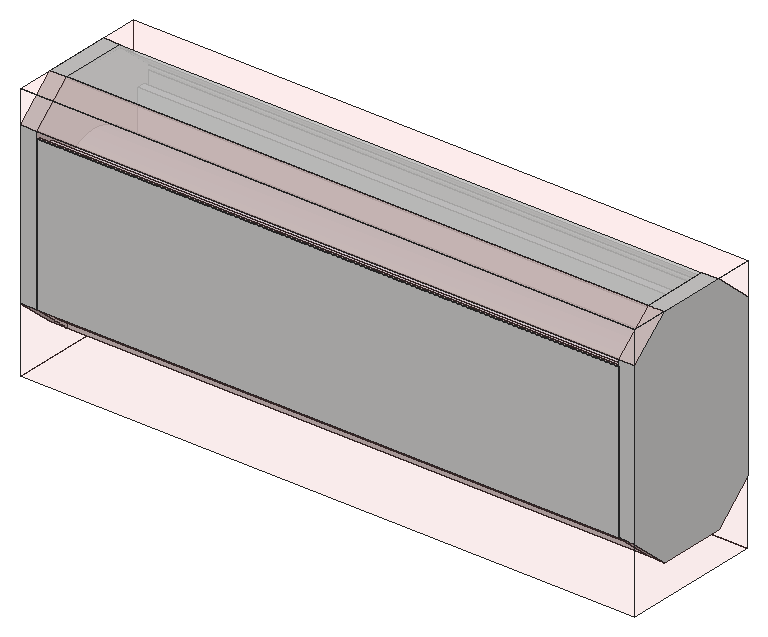
Revit family "Air-Curtain_Customer-Entry_PoweredAire_MP", category Mechanical Equipment, host Face, Revit 2018
Family settings
  Host = Face
  Round Connector Dimension = Use Diameter
  Part Type = Normal
  OmniClass Number = 23.75.35.17.21
  OmniClass Title = Air Curtains
  Cut with Voids When Loaded = No
  Shared = No
  Room Calculation Point = No
Parameters
  Warranty Duration (Years) = 0
  Unit Width Notes = "Other Widths available."  # constant formula
  Unit Width = 3' - 1"
  Unit Weight = 0
  Unit Height = 0' - 8 1/2"
  Unit Depth = 1' - 1 1/2"
  URL = "http://www.poweredaire.com/"
  Test Data = ""
  Standards Conformance = "as Specified"
  Specification = "http://www.arcat.com/sdspecs/htm04/23_34_33pai.htm"
  SpecWizard = ""
  Sound Pressure = "as Specified"
  Sales Information = "http://www.poweredaire.com/contact_us"
  Revision = "R1_2016-08"
  Projection from Host [instance] = 0' - 2"
  Product Properties = ""
  Product Data = "http://www.arcat.com/arcatcos/cos47/arc47623.html"
  Power Rating = 0 W
  Nozzle Width = if(1 = 1, Unit Width - 0' 2", 0' 0")  # 2' - 11"
  Mounting Width = if(1 = 1, Unit Width - 0' 1", 0' 0")  # 3' - 0"
  Mounting Height [instance] = 3' - 6"
  Motor RPM = 0
  Motor HP = 0
  Motor Count = 0
  Model = "As Specified"
  Max Height = 0' - 0"
  Manufacturer Website = "http://www.poweredaire.com/"
  Manufacturer Phone - Toll Free = "888-321-2473"
  Manufacturer Phone = "724-588-3305"
  Manufacturer Fax = "724-588-3371"
  Manufacturer Address = "109 Mortensen Rd.  Greenville, PA 16125"
  Manufacturer = "Powered Aire, Inc"
  Maintenance Schedule (Months) = 0
  Keynote = "23 34 33"
  Installation-Fabrication = ""
  Installation Phase = ""
  Include Clearance [instance] = yes
  Heating Element Load = 0 W
  HVAC_Temperature Rise = 0 °F
  HVAC_Outlet Volume = 0 CFM
  HVAC_Outlet Velocity Uniformity = 0
  HVAC_Outlet Velocity = 0 FPM
  Green Building-LEED = "http://www.arcat.com/green/clients/leed_data_47623.html"
  Front Grating Material [instance] = Metal - Steel - PoweredAire - Stainless 304 Perforated
  Frame Finish [instance] = Metal - Steel - PoweredAire - Stainless 304
  Expected Lifespan (Years) = 0
  Electrical_Wattage [instance] = Power Rating + Heating Element Load  # 0 W
  Electrical_Voltage [instance] = 0 V
  Electrical_Phase [instance] = 1
  Electrical_Frequency [instance] = 0 Hz
  Electrical_Amperage [instance] = 0 A
  Drawn By = "Sumex Design, Inc. / Robert S. Weygant, CSI, CDT, SCIP"
  Description = "Powered Aire Air Curtain as Specified"
  Default Elevation = 0' - 0"  # constant formula
  Copyright = "©Arcat Inc."
  Construction Details = "http://www.arcat.com/details/powair/prod3336.html"
  Clearance_Top [instance] = 0' - 0"
  Clearance_Side B [instance] = 0' - 0"
  Clearance_Side A [instance] = 0' - 0"
  Clearance_Intake [instance] = 0' - 0"
  Clearance_Bottom [instance] = 0' - 0"
  Clearance Material [instance] = ARCAT Clearance
  Building Codes = ""
  Available Options [instance] = "as Specified"
  Assembly Code = "D3090400"
Reference planes (in)
  plane 1 "Center (Elevation)": y = 0.13818
  plane 2: z = 0
  plane 3 "Center (Left/Right)": x = 0
  plane 4: y = 4.38818
  plane 5: y = -4.11182
  plane 6: x = -18.5
  plane 7: x = 18.5
  plane 8: z = 15.5
  plane 9 "FF": y = -41.86182
  plane 10: z = 2
  plane 11: x = 17.5
  plane 12: x = -17.5
  plane 13: y = 4.38818
  plane 14: y = -4.11182
  plane 15: x = -18.5
  plane 16: x = 18.5
  plane 17: z = 15.5
Forms (in)
  Extrusion 1, solid, material "Metal - Steel - PoweredAire - Stainless 304" <- "Frame Finish"
    sketch origin (0, 0, 0) x (0, 1, 0) y (0, 0, 1)
      loop
        line (2.13818, 2) -> (4.38818, 3.94454) -> (4.38818, 13.55546) -> (2.13818, 15.5) -> (-1.86182, 15.5) -> (-4.11182, 13.55546) -> (-4.11182, 3.94454) -> (-1.86182, 2) -> (2.13818, 2)
    from 17.5 to 18.5
  Extrusion 2, solid, material "Metal - Steel - PoweredAire - Stainless 304" <- "Frame Finish"
    sketch origin (0, 0, 0) x (0, 1, 0) y (0, 0, -1)
      loop
        line (2.13818, -2) -> (-1.86182, -2) -> (-4.11182, -3.94454) -> (-4.11182, -13.55546) -> (-1.86182, -15.5) -> (2.13818, -15.5) -> (4.38818, -13.55546) -> (4.38818, -3.94454) -> (2.13818, -2)
    from 17.5 to 18.5
  Extrusion 3, solid, material "Metal - Steel - PoweredAire - Stainless 304" <- "Frame Finish"
    sketch origin (0, 0, 0) x (0, 1, 0) y (0, 0, 1)
      loop
        line (-1.86182, 2) -> (2.13818, 2) -> (4.38818, 3.94454) -> (4.38818, 13.19454) -> (4.26318, 13.19454) -> (4.26318, 3.99632) -> (2.0979, 2.125) -> (-1.73682, 2.125) -> (-1.73682, 4.06954) -> (-3.98682, 4.06954) -> (-3.98682, 13.19454) -> (-4.11182, 13.19454) -> (-4.11182, 3.94454) -> (-1.86182, 3.94454) -> (-1.86182, 2)
      loop
        line (-3.39819, 3.61034) -> (-2.6202, 2.83235) -> (-2.49472, 2.95783) -> (-3.27271, 3.73583) -> (-3.39819, 3.61034)
    from -17.5 to 17.5
  Extrusion 4, solid, material "Metal - Steel - PoweredAire - Stainless 304 Perforated" <- "Front Grating Material"
    sketch origin (0, 0, 0) x (0, 1, 0) y (0, 0, 1)
      loop
        line (-4.11182, 13.19454) -> (-3.98682, 13.19454) -> (-3.98682, 13.50368) -> (-1.82155, 15.375) -> (2.0979, 15.375) -> (4.26318, 13.50368) -> (4.26318, 13.19454) -> (4.38818, 13.19454) -> (4.38818, 13.55546) -> (2.13818, 15.5) -> (-1.86182, 15.5) -> (-4.11182, 13.55546) -> (-4.11182, 13.19454)
    from -17.5 to 17.5
  Extrusion 5, solid, material "ARCAT Clearance" <- "Clearance Material", visible <- "Include Clearance"
    sketch origin (0, 0, 0) x (0, 1, 0) y (0, 0, 1)
      loop
        line (-4.11182, 15.5) -> (-4.11182, 0) -> (4.38818, 0) -> (4.38818, 15.5) -> (-4.11182, 15.5)
    from -18.5 to 18.5
  Extrusion 6, solid
    sketch origin (0, 0, 0) x (0, 1, 0) y (0, 0, 1)
      loop
        line (-3.59559, 12.66567) -> (-3.59559, 4.66567) -> (-3.09559, 4.66567) -> (-3.09559, 12.66567) -> (-3.59559, 12.66567)
      loop
        circle (0.13818, 9.1356) r 2.75
      loop
        line (3.87195, 12.66567) -> (3.37195, 12.66567) -> (3.37195, 4.66567) -> (3.87195, 4.66567) -> (3.87195, 12.66567)
    from -17.5 to 17.5
Dimensions and locks (in)
  equal spacing: plane 4, plane 1 "Center (Elevation)", plane 5
  "Unit Height": plane 4 to plane 5
  equal spacing: plane 6, plane 3 "Center (Left/Right)", plane 7
  "Unit Width": plane 6 to plane 7
  "Mounting Height": plane 1 "Center (Elevation)" to plane 9 "FF"
  "Projection from Host": plane 10 to level
  "Unit Depth": plane 8 to plane 10
  locked: plane 6 to plane 12 at 1
  locked: plane 11 to plane 7 at 1
  "Clearance_Side A": plane 7 to plane 16
  "Clearance_Side B": plane 15 to plane 6
  "Clearance_Top": plane 13 to plane 4
  "Clearance_Bottom": plane 5 to plane 14
  "Clearance_Intake": plane 17 to plane 8
  aligned and locked: plane 2 to host face
  aligned and locked: level to host face
  aligned and locked: plane 7 to Extrusion 1
  aligned and locked: Extrusion 1 to plane 11
  aligned and locked: plane 12 to Extrusion 2
  aligned and locked: Extrusion 2 to plane 6
  aligned and locked: plane 11 to Extrusion 3
  aligned and locked: Extrusion 3 to plane 12
  aligned and locked: plane 11 to Extrusion 4
  aligned and locked: Extrusion 4 to plane 12
  aligned and locked: Extrusion 5 sketch curve to plane 17
  aligned and locked: plane 14 to Extrusion 5 sketch curve
  aligned and locked: level to Extrusion 5 sketch curve
  aligned and locked: Extrusion 5 sketch curve to plane 13
  aligned and locked: plane 16 to Extrusion 5
  aligned and locked: Extrusion 5 to plane 15
  aligned and locked: plane 11 to Extrusion 6
  aligned and locked: Extrusion 6 to plane 12
Automatic sketch dimensions
  host sketch curve to host sketch curve = 8' - 0"  (x2)
  Extrusion 1 sketch curve to plane 5 = 0' - 0"
  Extrusion 1 sketch curve to plane 8 = 0' - 0"
  Extrusion 1 sketch curve to plane 4 = 0' - 0"
  plane 1 "Center (Elevation)" to Extrusion 1 sketch curve = 0' - 2"
  Extrusion 1 sketch curve to plane 1 "Center (Elevation)" = 0' - 2"  (x2)
  plane 10 to Extrusion 1 sketch curve = 0' - 1.94454"  (x2)
  Extrusion 1 sketch curve to plane 8 = 0' - 1.94454"  (x2)
  plane 5 to Extrusion 1 sketch curve = 0' - 2 1/4"
  Extrusion 1 sketch curve to plane 10 = 0' - 0"
  Extrusion 2 sketch curve to plane 5 = 0' - 0"
  Extrusion 2 sketch curve to plane 8 = 0' - 0"
  Extrusion 2 sketch curve to plane 10 = 0' - 0"
  Extrusion 2 sketch curve to plane 4 = 0' - 0"
  plane 1 "Center (Elevation)" to Extrusion 2 sketch curve = 0' - 2"
  Extrusion 2 sketch curve to plane 1 "Center (Elevation)" = 0' - 2"  (x2)
  Extrusion 2 sketch curve to plane 8 = 0' - 1.94454"  (x2)
  plane 10 to Extrusion 2 sketch curve = 0' - 1.94454"  (x2)
  plane 5 to Extrusion 2 sketch curve = 0' - 2 1/4"
  Extrusion 4 sketch curve to plane 5 = 0' - 0"
  Extrusion 4 sketch curve to plane 8 = 0' - 0"
  Extrusion 4 sketch curve to plane 4 = 0' - 0"
  plane 5 to Extrusion 4 sketch curve = 0' - 0 1/8"
  plane 1 "Center (Elevation)" to Extrusion 4 sketch curve = 0' - 2"
  Extrusion 4 sketch curve to Extrusion 4 sketch curve = 0' - 0.04027"  (x2)
  Extrusion 4 sketch curve to Extrusion 4 sketch curve = 0' - 0 1/8"
  Extrusion 4 sketch curve to plane 8 = 0' - 1.94454"  (x2)
  Extrusion 4 sketch curve to Extrusion 4 sketch curve = 0' - 0.05178"  (x2)
  Extrusion 4 sketch curve to Extrusion 4 sketch curve = 0' - 0.30914"  (x2)
  Extrusion 4 sketch curve to plane 8 = 0' - 0 1/8"
  Extrusion 4 sketch curve to plane 1 "Center (Elevation)" = 0' - 1.95973"
  Extrusion 3 sketch curve to plane 5 = 0' - 0"
  Extrusion 3 sketch curve to plane 4 = 0' - 0"
  plane 5 to Extrusion 3 sketch curve = 0' - 0 1/8"
  plane 5 to Extrusion 3 sketch curve = 0' - 0.71363"
  Extrusion 3 sketch curve to Extrusion 3 sketch curve = 0' - 0.12548"  (x2)
  Extrusion 3 sketch curve to Extrusion 3 sketch curve = 0' - 0.778"
  Extrusion 3 sketch curve to Extrusion 3 sketch curve = 0' - 0.63289"
  Extrusion 3 sketch curve to Extrusion 3 sketch curve = 0' - 0 1/8"  (x2)
  Extrusion 3 sketch curve to plane 4 = 0' - 0 1/8"
  plane 10 to Extrusion 3 sketch curve = 0' - 0.83235"
  Extrusion 3 sketch curve to Extrusion 3 sketch curve = 0' - 0.3342"
  plane 10 to Extrusion 3 sketch curve = 0' - 1.94454"
  Extrusion 3 sketch curve to Extrusion 3 sketch curve = 0' - 0.05178"
  Extrusion 3 sketch curve to plane 8 = 0' - 2.30546"  (x2)
  Extrusion 3 sketch curve to plane 1 "Center (Elevation)" = 0' - 2"
  plane 10 to Extrusion 3 sketch curve = 0' - 0 1/8"
  Extrusion 3 sketch curve to Extrusion 3 sketch curve = 0' - 0.04027"
  Extrusion 3 sketch curve to plane 10 = 0' - 0"
  Extrusion 6 sketch curve to plane 1 "Center (Elevation)" = 0' - 0"
  plane 5 to Extrusion 6 sketch curve = 0' - 1.01623"
  Extrusion 6 sketch curve to Extrusion 6 sketch curve = 0' - 0 1/2"  (x2)
  Extrusion 6 sketch curve to plane 4 = 0' - 1.01623"
  plane 10 to Extrusion 6 sketch curve = 0' - 2.66567"  (x2)
  Extrusion 6 sketch curve to Extrusion 6 sketch curve = 0' - 4.46993"
  Extrusion 6 sketch curve to plane 8 = 0' - 2.83433"  (x2)
  radius of Extrusion 6 sketch curve = 0' - 2 3/4"
Connectors (in)
  electrical at (0, 4.38818, 8.56954), driven by "Electrical_Phase", driven by "Electrical_Voltage"
    settings: on Extrusion 3, index 1, voltage 0 V, apparent load 0 VA, apparent load phase1 0 VA, apparent load phase2 0 VA, apparent load phase3 0 VA, power factor 1, load classification "Motor", number of poles 1, system type 31, power factor state 1, is connector primary yes, connector utility no, sub classification motor no, connector description ""
